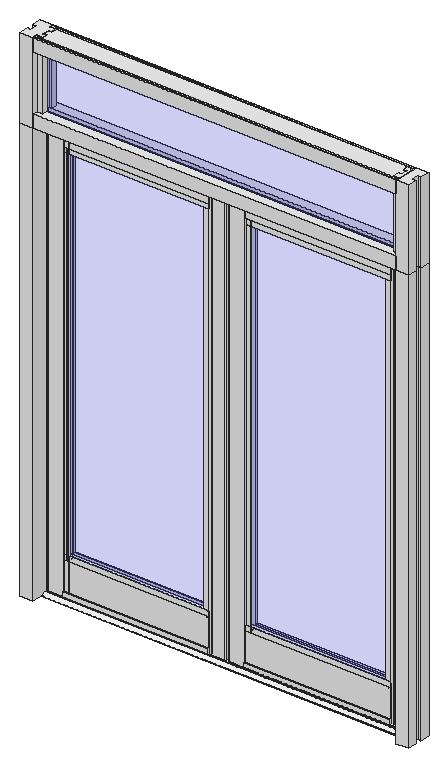
Revit family "kawneer-350ir_entrance 02_17196", category Doors, host Wall, Revit 2015
Parameters (values of type "(2)3'-0"W X 7'-0"H W 1'4 TRANS")
  Width = 3' - 0"
  Wall Closure = By host
  URL = "http://www.kawneer.com/kawneer/north_america/en/product.asp?cat_id=1339&prod_id=1823"
  Type Comments = "350 IR DOORS WITH IR 501 ENTRANCE FRAMING Hurricane Resistant (1-5/16\" INFILL)\r\n"
  Transom Height = 1' - 4"
  Rough Width = (Width * 2) + 0' 5"  # 6' - 5"
  Rough Height = Height + Transom Height  # 8' - 4"
  Product data url = "https://bimobject.com/kawneerna/product/17196"
  Model = "350 IR WITH IR 501 ENTRANCE FRAMING"
  Manufacturer = "Kawneer"
  Horizontal Frame Length = Rough Width - 0' 5"  # 6' - 0"
  Height = 7' - 0"
  Glazing Finish = Glass
  Function = Interior
  Frame Finish = Default
  Description = "Standard entrances that provide the extra strength for applications where more stringent code requirements include windborne debris protection.\r\n"
  INSET = 0' - 2"
  Assembly Code = "B2030210"
Reference planes (in)
  plane 1: y = 0
  plane 2 "Center": x = -1.5
  plane 3 "Left": x = -40
  plane 4 "Right": x = 37
  plane 5 "Top": z = 100
  plane 6: z = 84
  plane 7 "FACE OF FRAME": y = 3.5
  plane 8: y = -0.5
  plane 9: y = 48
  plane 10 "Center Line of Door": y = 1.75
  plane 11: x = -37.5
  plane 12: x = 34.5
Forms (in)
  Extrusion 1, solid
    sketch origin (0, 3.5, 0) x (1, 0, 0) y (0, 0, 1)
      loop
        line (36.37519, 98.27422) -> (-39.37519, 98.27422) -> (-39.37519, 85.87519) -> (36.37519, 85.87519) -> (36.37519, 98.27422)
    from 2.2695 to 2.8415
  Extrusion 2, solid, material "Default" <- "Frame Finish"
    sketch origin (-1.5, 0, 0) x (0, 1, 0) y (0, 0, 1)
      loop
        line (4.31775, 0.05047) -> (4.31775, 0) -> (4.50525, 0) -> (4.50525, 0.09375) -> (3.58338, 0.4375) -> (1.56775, 0.4375) -> (1.56775, 0.5) -> (1.38025, 0.5) -> (0.50525, 0.09375) -> (0.50525, 0) -> (0.69275, 0) -> (0.69275, 0.04299) -> (1.31581, 0.33226) -> (1.474, 0.33226) -> (1.474, 0) -> (1.56775, 0) -> (1.56775, 0.3125) -> (3.599, 0.3125) -> (3.599, 0) -> (3.69275, 0) -> (3.69275, 0.28352) -> (4.31775, 0.05047)
    from -36 to 36
Lines and regions (in)
  Opening 1
    outline origin (-90, -5.5, 0) x (1, 0, 0) y (0, 0, 1)
      loop
        line (50, 0) -> (127, 0) -> (127, 100) -> (50, 100) -> (50, 0)
  symbolic lines, style "DoorsFrameMullionProjection"
    curve 1: line (-40, 3.5, 0) -> (-37.5, 3.5, 0)
    curve 2: line (-40, -1.5, 0) -> (-40, 3.5, 0)
    curve 3: line (-37.5, -1.5, 0) -> (-40, -1.5, 0)
    curve 4: line (-37.5, 3.5, 0) -> (-37.5, -1.5, 0)
    curve 5: line (34.5, 3.5, 0) -> (37, 3.5, 0)
    curve 8: line (37, 3.5, 0) -> (37, -1.5, 0)
    curve 14: line (37, 3.5, 0) -> (34.5, 3.5, 0)
  symbolic lines, style "DoorsPanelProjection"
    curve 6: line (34.5, -1.5, 0) -> (34.5, 3.5, 0)
    curve 7: line (37, -1.5, 0) -> (34.5, -1.5, 0)
  symbolic lines, style "Doors"
    curve 9: line (-37.5, 3.5, 0) -> (-35.75, 3.5, 0)
    curve 10: line (-37.5, 48, 0) -> (-37.5, 3.5, 0)
    curve 11: line (-35.75, 48, 0) -> (-37.5, 48, 0)
    curve 12: line (-35.75, 3.5, 0) -> (-35.75, 48, 0)
    curve 15: line (34.5, 3.5, 0) -> (32.75, 3.5, 0)
    curve 16: line (34.5, 48, 0) -> (34.5, 3.5, 0)
    curve 17: line (32.75, 48, 0) -> (34.5, 48, 0)
    curve 18: line (32.75, 3.5, 0) -> (32.75, 48, 0)
    curve 31: line (-37.5, 3.5, 0) -> (-35.75, 3.5, 0)
  symbolic lines, style "Plan Swing"
    curve 13: arc (-1.49306, 11.99306, 0) -> (-12.03925, 37.45381, 0) -> (-37.5, 48, 0) r 36.00694
    curve 19: arc (-1.50694, 3.49653, 0) -> (5.8772, 34.34017, 0) -> (34.5, 48, 0) r 36.81802
  model lines, style "Elevation Swing"
    curve 20: line (-1.5, 3.5, 0) -> (34.5, 3.5, 42)
    curve 21: line (-1.5, 3.5, 84) -> (-37.5, 3.5, 42)
    curve 22: line (-1.5, 3.5, 0) -> (-37.5, 3.5, 42)
    curve 23: line (-1.5, 3.5, 84) -> (33.29287, 3.5, 43.50604)
  model lines, style "DoorsGlassProjection"
    curve 24: line (-33.65575, 2.07163, 0) -> (-5.34425, 2.07163, 0)
    curve 25: line (-5.34425, 2.64748, 0) -> (-33.65575, 2.64748, 0)
    curve 26: line (2.34425, 2.07163, 0) -> (30.65575, 2.07163, 0)
    curve 27: line (30.65575, 2.64748, 0) -> (2.34425, 2.64748, 0)
    curve 32: line (-5.34425, 2.07163, 0) -> (-33.65575, 2.07163, 0)
    curve 33: line (-33.65575, 2.64748, 0) -> (-5.34425, 2.64748, 0)
  symbolic lines
    curve 28: line (30.90625, 1.70625, 0) -> (30.90625, 1.65625, 0)
    curve 34: line (-5.09375, 1.65625, 0) -> (-5.09375, 1.71925, 0)
  model lines, style "DoorsPanelProjection"
    curve 29: line (2.34425, 2.07163, 0) -> (30.65575, 2.07163, 0)
    curve 30: line (30.65575, 2.64748, 0) -> (2.34425, 2.64748, 0)
    curve 35: line (-5.34425, 2.07163, 0) -> (-33.65575, 2.07163, 0)
    curve 36: line (-33.65575, 2.64748, 0) -> (-5.34425, 2.64748, 0)
Text (in)
  text "Exterior" at (-58.67754, 27.31104, 0), in view "Floor Line"
  text "Interior" at (-58.34764, -25.14366, 0), in view "Floor Line"
  text "Exterior" at (0, 40.15149, 123.01588), in view "Right"
  text "Interior" at (0, -64.39139, 123.01588), in view "Right"
  text "Interior" at (0, -31.01599, 123.00693), in view "Left"
  text "Exterior" at (0, 54.57065, 123.00693), in view "Left"
Dimensions and locks (in)
  "Rough Width": plane 3 "Left" to plane 4 "Right"
  host wall to plane 5 "Top" = 8' - 4"
  "Height": level to plane 6
  "INSET": host wall to plane 7 "FACE OF FRAME"
  locked: plane 8 to plane 7 "FACE OF FRAME" at 4
  locked: plane 7 "FACE OF FRAME" to plane 9 at 44.5
  locked: curve 10 to curve 12 at 1.75
  locked: plane 10 "Center Line of Door" to plane 7 "FACE OF FRAME" at 1.75
  equal spacing: level, curve 20, plane 6
  equal spacing: level, curve 22, plane 6
  locked: plane 12 to plane 4 "Right" at 2.5
  locked: plane 3 "Left" to plane 11 at 2.5
  locked: plane 7 "FACE OF FRAME" to nested 6 at 0.09375
  locked: nested 5 to plane 7 "FACE OF FRAME" at 0.09375
  equal spacing: plane 3 "Left", plane 2 "Center", plane 4 "Right"
  "Transom Height": plane 6 to plane 5 "Top"
  plane 11 to plane 2 "Center" to plane 12 = 3' - 0", 3' - 0"
  aligned and locked: plane 3 "Left" to Opening 1 sketch curve
  aligned and locked: plane 5 "Top" to Opening 1 sketch curve  (x2)
  aligned and locked: Opening 1 sketch curve to plane 4 "Right"
  aligned and locked: Opening 1 sketch curve to level
  aligned and locked: nested 2 to plane 7 "FACE OF FRAME"
  aligned and locked: nested 1 to plane 7 "FACE OF FRAME"
  aligned and locked: nested 3 to plane 7 "FACE OF FRAME"
  aligned and locked: nested 4 to plane 7 "FACE OF FRAME"
  aligned and locked: nested 2 to Extrusion 1 sketch curve
  aligned and locked: Extrusion 1 sketch curve to nested 4
  aligned and locked: Extrusion 1 sketch curve to nested 1
  aligned and locked: plane 11 to nested 4
  aligned and locked: plane 4 "Right" to nested 2
  aligned and locked: plane 11 to curve 4
  aligned and locked: nested 5 to curve 24
  aligned and locked: curve 24 to nested 5
  aligned and locked: curve 26 to nested 6  (x2)
  aligned and locked: plane 3 "Left" to nested 1
  aligned and locked: plane 11 to nested 3
  aligned and locked: nested 3 to plane 12
  aligned and locked: nested 3 to plane 5 "Top"
  aligned and locked: nested 5 to plane 11
  aligned and locked: nested 6 to plane 12
  aligned and locked: Extrusion 2 to plane 12
  aligned and locked: plane 11 to Extrusion 2
  aligned and locked: nested 1 to plane 5 "Top"
  aligned and locked: plane 6 to nested 4
  aligned and locked: nested 7 to level
  aligned and locked: nested 2 to level
  aligned and locked: nested 8 to plane 6
Automatic sketch dimensions
  plane 5 "Top" to Extrusion 1 sketch curve = 0' - 1.72578"
  curve 3 to plane 3 "Left" = 0' - 0"
  curve 15 to plane 7 "FACE OF FRAME" = 0' - 0"
  curve 18 to plane 9 = 0' - 0"
  curve 16 to plane 12 = 0' - 0"
  curve 8 to plane 4 "Right" = 0' - 0"
  curve 1 to plane 7 "FACE OF FRAME" = 0' - 0"
  curve 10 to plane 9 = 0' - 0"
  plane 10 "Center Line of Door" to curve 34 = 0' - 0.03075"
  curve 24 to curve 34 = 0' - 0.2505"
  plane 7 "FACE OF FRAME" to curve 19 = 0' - 0.00347"
  curve 19 to plane 2 "Center" = 0' - 0.00694"
  plane 2 "Center" to curve 13 = 0' - 0.00694"
  curve 26 to curve 28 = 0' - 0.2505"
  plane 12 to curve 15 = 0' - 1 3/4"
  plane 8 to curve 2 = 0' - 1"
  plane 10 "Center Line of Door" to curve 28 = 0' - 0.04375"
  curve 23 to plane 2 "Center" = 0' - 0"
  curve 23 to plane 6 = 0' - 0"
  curve 22 to level = 0' - 0"
  curve 21 to plane 11 = 0' - 0"
  curve 22 to plane 2 "Center" = 0' - 0"
  curve 20 to plane 12 = 0' - 0"
  plane 12 to curve 23 = 0' - 1.20713"
  curve 23 to curve 20 = 0' - 1.50604"
  plane 8 to curve 7 = 0' - 1"
  level to Extrusion 2 sketch curve = 0' - 0 3/32"  (x2)
  Extrusion 2 sketch curve to host wall = 0' - 0.50525"
  Extrusion 2 sketch curve to level = 0' - 0"  (x4)
  Extrusion 2 sketch curve to Extrusion 2 sketch curve = 0' - 0 3/16"  (x2)
  plane 10 "Center Line of Door" to Extrusion 2 sketch curve = 0' - 0.43419"
  Extrusion 2 sketch curve to Extrusion 2 sketch curve = 0' - 0.06444"
  plane 10 "Center Line of Door" to Extrusion 2 sketch curve = 0' - 0.276"
  Extrusion 2 sketch curve to Extrusion 2 sketch curve = 0' - 0 3/32"  (x2)
  Extrusion 2 sketch curve to Extrusion 2 sketch curve = 0' - 0"
  Extrusion 2 sketch curve to plane 7 "FACE OF FRAME" = 0' - 0.08338"
  Extrusion 2 sketch curve to plane 7 "FACE OF FRAME" = 0' - 0.099"
  level to Extrusion 2 sketch curve = 0' - 0.05047"
  Extrusion 2 sketch curve to Extrusion 2 sketch curve = 0' - 0 5/8"
  level to Extrusion 2 sketch curve = 0' - 0 11/256"
  level to Extrusion 2 sketch curve = 0' - 0.28352"
  Extrusion 2 sketch curve to Extrusion 2 sketch curve = 0' - 0.02898"
  Extrusion 2 sketch curve to Extrusion 2 sketch curve = 0' - 0.01977"
  Extrusion 2 sketch curve to Extrusion 2 sketch curve = 0' - 0 1/8"
  Extrusion 2 sketch curve to Extrusion 2 sketch curve = 0' - 0.16773"
  curve 34 to curve 34 = 0' - 0.063"
  curve 28 to curve 28 = 0' - 0.05"
  curve 32 to plane 2 "Center" = 0' - 3.84425"
  curve 36 to curve 24 = 0' - 0"
  curve 27 to curve 26 = 0' - 0"
  curve 33 to curve 24 = 0' - 0"
  curve 24 to curve 36 = 0' - 0.57585"
  plane 7 "FACE OF FRAME" to curve 30 = 0' - 0.85252"
  curve 30 to curve 15 = 0' - 2.09425"
  curve 29 to curve 27 = 0' - 0"
Nested families (in)
  nested 1: "Kawneer-350IR_Entrance_pg02 - Detail 8" at (-40, 1, 84) x (-1, 0, 0) z (0, 0, 1), type "Detail 8"
    with Frame Height 1' - 4"
  nested 2: "Kawneer-350IR_Entrance_pg02 - Detail 4" at (37, 1, 0) x (-1, 0, 0) z (0, 0, 1), type "Detail 4"
    with Frame Height 7' - 0"
  nested 3: "Kawneer-350IR_Entrance_pg02 - Detail 1" at (-1.5, 0.9445, 97.5), type "Detail 1"
  nested 4: "Kawneer-350IR_Entrance_pg02 - Detail 2" at (-1.5, 0.9445, 84), type "Detail 2"
  nested 5: "Kawneer-350IR_Panel" at (-19.5, 2.35956, 0) x (-1, 0, 0) z (0, 0, 1), type "Kawneer-350IR_Panel"
  nested 6: "Kawneer-350IR_Panel" at (16.5, 2.35956, 0), type "Kawneer-350IR_Panel"
  nested 7: "Kawneer-350IR_Entrance_pg02 - Detail 6" at (-40, 1, 0) x (-1, 0, 0) z (0, 0, 1), type "Detail 6"
    with Frame Height 7' - 0"
  nested 8: "Kawneer-350IR_Entrance_pg02 - Detail 7" at (37, 1, 84), type "Detail 7"
    with Frame Height 1' - 4"
Definition of nested family "Kawneer-350IR_Entrance_pg02 - Detail 8"
  Parameters
    Frame Height = 9' - 0"
    Frame Finish = none
    Assembly Code = ""
  Reference planes (in)
    plane 1 "Center (Front/Back)": y = 0
    plane 2: z = 0
    plane 3 "Center (Left/Right)": x = 0
  Forms (in)
    Extrusion 1, solid, material <- "Frame Finish"
      sketch origin (0, 0, 0) x (1, 0, 0) y (0, 1, 0)
        loop
          line (0, -2.5) -> (0, -0.65625) -> (-0.62481, -0.65625) -> (-0.62481, 0.65625) -> (0, 0.65625) -> (0, 2.5) -> (-2.5, 2.5) -> (-2.5, 1.48646) -> (-3.625, 1.48646) -> (-3.625, 0.47546) -> (-3, 0.47546) -> (-3, -0.82354) -> (-3.625, -0.82354) -> (-3.625, -1.83354) -> (-2.5, -1.83354) -> (-2.5, -2.5) -> (0, -2.5)
      from 0 to 108
  Dimensions and locks (in)
    "Frame Height": Extrusion 1 to level
    locked: Extrusion 1 sketch curve to Extrusion 1 sketch curve at 1.3125
    equal spacing: Extrusion 1 sketch curve, plane 1 "Center (Front/Back)", Extrusion 1 sketch curve
  Automatic sketch dimensions
    Extrusion 1 sketch curve to plane 3 "Center (Left/Right)" = 0' - 0"  (x2)
    Extrusion 1 sketch curve to Extrusion 1 sketch curve = 0' - 2 1/2"
    plane 1 "Center (Front/Back)" to Extrusion 1 sketch curve = 0' - 2 1/2"
    Extrusion 1 sketch curve to plane 1 "Center (Front/Back)" = 0' - 2 1/2"
    Extrusion 1 sketch curve to plane 3 "Center (Left/Right)" = 0' - 0.62481"
    Extrusion 1 sketch curve to Extrusion 1 sketch curve = 0' - 1 1/8"  (x2)
    Extrusion 1 sketch curve to plane 1 "Center (Front/Back)" = 0' - 0.47546"
    plane 1 "Center (Front/Back)" to Extrusion 1 sketch curve = 0' - 0.82354"
    Extrusion 1 sketch curve to Extrusion 1 sketch curve = 0' - 0"
    Extrusion 1 sketch curve to Extrusion 1 sketch curve = 0' - 0 5/8"
    Extrusion 1 sketch curve to Extrusion 1 sketch curve = 0' - 1.01"
    Extrusion 1 sketch curve to plane 1 "Center (Front/Back)" = 0' - 1.48646"
Definition of nested family "Kawneer-350IR_Entrance_pg02 - Detail 4"
  Parameters
    Frame Height = 9' - 0"
    Frame Finish = none
    Assembly Code = ""
  Reference planes (in)
    plane 1 "Center (Front/Back)": y = 0
    plane 2: z = 0
    plane 3 "Center (Left/Right)": x = 0
  Forms (in)
    Extrusion 1, solid, material <- "Frame Finish"
      sketch origin (0, 0, 0) x (-1, 0, 0) y (0, -1, 0)
        loop
          line (0, 2.5) -> (-2.5, 2.5) -> (-2.5, -2.5) -> (0, -2.5) -> (0, -0.65625) -> (-0.62481, -0.65625) -> (-0.62481, 0.65625) -> (0, 0.65625) -> (0, 2.5)
      from 0 to 108
  Dimensions and locks (in)
    "Frame Height": Extrusion 1 to level
    Extrusion 1 to Extrusion 1 = 0' - 1 5/16"
    locked: Extrusion 1 sketch curve to Extrusion 1 sketch curve at 1.3125
    equal spacing: Extrusion 1 sketch curve, plane 1 "Center (Front/Back)", Extrusion 1 sketch curve
  Automatic sketch dimensions
    Extrusion 1 sketch curve to plane 3 "Center (Left/Right)" = 0' - 0"  (x2)
    Extrusion 1 sketch curve to Extrusion 1 sketch curve = 0' - 0.62481"
    Extrusion 1 sketch curve to Extrusion 1 sketch curve = 0' - 2 1/2"
    Extrusion 1 sketch curve to plane 1 "Center (Front/Back)" = 0' - 2 1/2"
    plane 1 "Center (Front/Back)" to Extrusion 1 sketch curve = 0' - 2 1/2"
Definition of nested family "Kawneer-350IR_Entrance_pg02 - Detail 1"
  Parameters
    Frame Length = 6' - 0"
    Frame Finish = none
    Assembly Code = ""
  Reference planes (in)
    plane 1 "Center (Front/Back)": y = 0
    plane 2: z = 0
    plane 3 "Center (Left/Right)": x = 0
  Forms (in)
    Extrusion 1, solid, material <- "Frame Finish"
      sketch origin (0, 0, 0) x (0, 1, 0) y (0, 0, 1)
        loop
          line (-2.3965, 0) -> (-0.5775, 0) -> (-0.5775, 0.625) -> (0.7215, 0.625) -> (0.7215, 0) -> (2.5555, 0) -> (2.5555, 2.5) -> (2.3055, 2.5)
          arc (2.3055, 2.5) -> (2.12872, 2.375) -> (1.95195, 2.5) r 0.1875
          line (1.95195, 2.5) -> (-1.79295, 2.5)
          arc (-1.79295, 2.5) -> (-1.96972, 2.375) -> (-2.1465, 2.5) r 0.1875
          line (-2.1465, 2.5) -> (-2.3965, 2.5) -> (-2.3965, 0)
      from -36 to 36
  Dimensions and locks (in)
    "Frame Length": Extrusion 1 to Extrusion 1
    equal spacing: Extrusion 1, plane 3 "Center (Left/Right)", Extrusion 1
  Automatic sketch dimensions
    Extrusion 1 sketch curve to level = 0' - 0"  (x2)
    plane 1 "Center (Front/Back)" to Extrusion 1 sketch curve = 0' - 2.3965"
    Extrusion 1 sketch curve to Extrusion 1 sketch curve = 0' - 0 1/4"  (x2)
    Extrusion 1 sketch curve to Extrusion 1 sketch curve = 0' - 0.17678"  (x4)
    plane 1 "Center (Front/Back)" to Extrusion 1 sketch curve = 0' - 0.5775"
    Extrusion 1 sketch curve to plane 1 "Center (Front/Back)" = 0' - 0.7215"
    Extrusion 1 sketch curve to plane 1 "Center (Front/Back)" = 0' - 1.95195"
    Extrusion 1 sketch curve to Extrusion 1 sketch curve = 0' - 0 5/8"
    level to Extrusion 1 sketch curve = 0' - 2 1/2"
    Extrusion 1 sketch curve to Extrusion 1 sketch curve = 0' - 0 1/16"  (x2)
Definition of nested family "Kawneer-350IR_Entrance_pg02 - Detail 2"
  Parameters
    Frame Length = 6' - 0"
    Frame Finish = none
    Assembly Code = ""
  Reference planes (in)
    plane 1 "Center (Front/Back)": y = 0
    plane 2: z = 0
    plane 3 "Center (Left/Right)": x = 0
  Forms (in)
    Extrusion 1, solid, material <- "Frame Finish"
      sketch origin (0, 0, 2.5) x (0, 1, 0) y (0, 0, 1)
        loop
          line (-2.3965, 0) -> (-2.3965, -2.5) -> (-0.47775, -2.5) -> (-0.47775, -2.875) -> (0.52225, -2.875) -> (0.52225, -2.5) -> (2.5555, -2.5) -> (2.5555, 0) -> (0.69789, 0) -> (0.69789, -0.62481) -> (-0.60111, -0.62481) -> (-0.60111, 0) -> (-2.3965, 0)
      from -36 to 36
  Dimensions and locks (in)
    "Frame Length": Extrusion 1 to Extrusion 1
    Extrusion 1 to Extrusion 1 = 6' - 0"
  Automatic sketch dimensions
    Extrusion 1 sketch curve to plane 1 "Center (Front/Back)" = 0' - 2.3965"
    Extrusion 1 sketch curve to plane 1 "Center (Front/Back)" = 0' - 0.60111"
    plane 1 "Center (Front/Back)" to Extrusion 1 sketch curve = 0' - 0.69789"
    Extrusion 1 sketch curve to Extrusion 1 sketch curve = 0' - 4.952"
    Extrusion 1 sketch curve to level = 0' - 1.87519"
    Extrusion 1 sketch curve to Extrusion 1 sketch curve = 0' - 0.62481"
    Extrusion 1 sketch curve to Extrusion 1 sketch curve = 0' - 0"
    Extrusion 1 sketch curve to plane 1 "Center (Front/Back)" = 0' - 0.47775"
    level to Extrusion 1 sketch curve = 0' - 0 3/8"
    plane 1 "Center (Front/Back)" to Extrusion 1 sketch curve = 0' - 0.52225"
    Extrusion 1 sketch curve to level = 0' - 0"  (x2)
Definition of nested family "Kawneer-350IR_Panel"
  Parameters
    Stile Width = 0' - 3 149/256"
    Sill Width = Door Panel Width - (Stile Width * 2)  # 2' - 4 107/128"
    Sill Plate = none
    Glazing = none
    Door Panel Width = 3' - 0"
    Door Panel Height = 7' - 0"
    Door Panel Finish = none
    Door Jamb Height = Door Panel Height - 0' 0 11/16"  # 6' - 11 5/16"
    Assembly Code = ""
  Reference planes (in)
    plane 1 "Center (Front/Back)": y = 0
    plane 2: z = 0
    plane 3 "Center (Left/Right)": x = 0
    plane 4: x = -18
    plane 5: x = 18
    plane 6: z = 84
    plane 7: z = 0.6875
    plane 8: z = 7.1875
    plane 9: x = 14.40625
    plane 10: x = -14.40625
    plane 11: z = 80.24534
  Forms (in)
    Extrusion 1, solid, material <- "Glazing"
      sketch origin (0, 0, 0) x (1, 0, 0) y (0, 1, 0)
        loop
          line (-14.15575, -0.28793) -> (14.15575, -0.28793) -> (14.15575, 0.28793) -> (-14.15575, 0.28793) -> (-14.15575, -0.28793)
      from 7.43362 to 80.24534
    Extrusion 2, solid, material <- "Door Panel Finish"
      sketch origin (0, 0, 0) x (0, 1, 0) y (0, 0, 1)
        loop
          line (-0.47493, 7.43362) -> (-0.47493, 8.36079)
          arc (-0.47493, 8.36079) -> (-0.52568, 8.23826) -> (-0.64821, 8.1875) r 0.17329
          line (-0.64821, 8.1875) -> (-0.9995, 8.1875) -> (-0.9995, 7.1875) -> (-1.049, 7.1875) -> (-1.049, 0.6875) -> (-0.937, 0.6875) -> (-0.937, 1.40625) -> (0.59131, 1.40625) -> (0.59131, 0.6875) -> (0.78331, 0.6875) -> (0.70313, 0.48064)
          arc (0.70313, 0.48064) -> (0.71693, 0.44448) -> (0.75431, 0.4545) r 0.02888
          line (0.75431, 0.4545) -> (0.87331, 0.6875) -> (0.95331, 0.6875) -> (0.95331, 1.5721) -> (0.70331, 1.6395) -> (0.70331, 7.1875) -> (0.65331, 7.1875) -> (0.65331, 8.188) -> (0.4648, 8.188)
          arc (0.4648, 8.188) -> (0.26778, 8.19864) -> (0.12923, 8.33912) r 0.27338
          line (0.12923, 8.33912) -> (0.12923, 7.43362) -> (-0.47493, 7.43362)
        loop
          line (0.57831, 6.6885) -> (0.52931, 6.6885)
          arc (0.52931, 6.6885) -> (0.44092, 6.72511) -> (0.40431, 6.8135) r 0.125
          line (0.40431, 6.8135) -> (0.40431, 7) -> (0.16931, 7) -> (0.09131, 6.922) -> (-0.437, 6.922) -> (-0.515, 7) -> (-0.75, 7) -> (-0.75, 6.8135)
          arc (-0.75, 6.8135) -> (-0.78661, 6.72511) -> (-0.875, 6.6885) r 0.125
          line (-0.875, 6.6885) -> (-0.92169, 6.6885) -> (-0.92169, 1.53125) -> (0.57831, 1.53125) -> (0.57831, 6.6885)
      from -14.40625 to 14.40625
  Dimensions and locks (in)
    "Door Panel Width": plane 4 to plane 5
    "Door Panel Height": plane 6 to level
    locked: plane 8 to level at 7.1875
    locked: plane 8 to plane 7 at 6.5
    locked: nested 3 to plane 5 at 0.09375
    locked: plane 9 to plane 5 at 3.59375
    equal spacing: plane 4, plane 3 "Center (Left/Right)", plane 5
    locked: plane 10 to plane 4 at 3.59375
    locked: plane 6 to plane 11 at 3.75466
    aligned and locked: nested 2 to Extrusion 1 sketch curve
    aligned and locked: Extrusion 1 sketch curve to nested 2
    aligned and locked: Extrusion 1 sketch curve to nested 3  (x2)
    aligned and locked: Extrusion 2 to plane 10
    aligned and locked: Extrusion 2 to plane 9
    aligned and locked: nested 2 to plane 10
    aligned and locked: plane 11 to Extrusion 1
    aligned and locked: plane 6 to nested 1
  Automatic sketch dimensions
    Extrusion 2 sketch curve to plane 7 = 0' - 0"  (x3)
    Extrusion 2 sketch curve to plane 8 = 0' - 0"  (x2)
    plane 1 "Center (Front/Back)" to Extrusion 2 sketch curve = 0' - 1.049"
    Extrusion 2 sketch curve to Extrusion 2 sketch curve = 0' - 0.0495"
    Extrusion 2 sketch curve to Extrusion 2 sketch curve = 0' - 0.112"
    Extrusion 2 sketch curve to Extrusion 2 sketch curve = 0' - 0.0778"
    Extrusion 2 sketch curve to Extrusion 2 sketch curve = 0' - 0.04669"
    Extrusion 2 sketch curve to Extrusion 2 sketch curve = 0' - 0 1/8"  (x4)
    Extrusion 2 sketch curve to Extrusion 2 sketch curve = 0' - 0.35128"
    Extrusion 2 sketch curve to Extrusion 2 sketch curve = 0' - 0.235"  (x2)
    plane 1 "Center (Front/Back)" to Extrusion 2 sketch curve = 0' - 0.47493"
    Extrusion 2 sketch curve to Extrusion 2 sketch curve = 0' - 0"  (x2)
    Extrusion 2 sketch curve to Extrusion 2 sketch curve = 0' - 0.078"  (x3)
    Extrusion 2 sketch curve to plane 1 "Center (Front/Back)" = 0' - 0.09131"
    Extrusion 2 sketch curve to plane 1 "Center (Front/Back)" = 0' - 0.12923"
    Extrusion 2 sketch curve to Extrusion 2 sketch curve = 0' - 0.2508"
    Extrusion 2 sketch curve to Extrusion 2 sketch curve = 0' - 0.08477"
    Extrusion 2 sketch curve to Extrusion 2 sketch curve = 0' - 0.049"
    Extrusion 2 sketch curve to plane 1 "Center (Front/Back)" = 0' - 0.59131"
    Extrusion 2 sketch curve to Extrusion 2 sketch curve = 0' - 0.1885"
    Extrusion 2 sketch curve to plane 7 = 0' - 0.20686"
    Extrusion 2 sketch curve to Extrusion 2 sketch curve = 0' - 0.11183"
    Extrusion 2 sketch curve to Extrusion 2 sketch curve = 0' - 0.02693"
    Extrusion 2 sketch curve to Extrusion 2 sketch curve = 0' - 0.02424"
    Extrusion 2 sketch curve to Extrusion 2 sketch curve = 0' - 0.192"
    Extrusion 2 sketch curve to Extrusion 2 sketch curve = 0' - 0.09"
    Extrusion 2 sketch curve to Extrusion 2 sketch curve = 0' - 0.08"
    Extrusion 2 sketch curve to Extrusion 2 sketch curve = 0' - 0.0157"
    plane 7 to Extrusion 2 sketch curve = 0' - 0 23/32"
    Extrusion 2 sketch curve to Extrusion 2 sketch curve = 0' - 0.04085"
    Extrusion 2 sketch curve to Extrusion 2 sketch curve = 0' - 0.10825"
    Extrusion 2 sketch curve to plane 8 = 0' - 0.499"  (x2)
    Extrusion 2 sketch curve to plane 8 = 0' - 0.2655"
    Extrusion 2 sketch curve to Extrusion 2 sketch curve = 0' - 0.1865"
    plane 8 to Extrusion 2 sketch curve = 0' - 0.24612"
    Extrusion 2 sketch curve to Extrusion 2 sketch curve = 0' - 0.75388"
    Extrusion 2 sketch curve to Extrusion 2 sketch curve = 0' - 0.75438"
    Extrusion 2 sketch curve to Extrusion 2 sketch curve = 0' - 0.15112"
  Nested families (in)
    nested 1: "Kawneer-350IR_Entrance_pg01-Door Head" at (0, -0.00193, 80.24534), type "Head"
      with Head Width 2' - 4 107/128"
    nested 2: "Kawneer-350IR_Entrance_pg01-Door Jamb R" at (-14.15575, 0, 0.6875) x (-1, 0, 0) z (0, 0, 1), type "Door Jamb R"
      with Door Frame Height 6' - 11 5/16"
    nested 3: "Kawneer-350IR_Entrance_pg01-Door Jamb L" at (14.15575, 0, 0.6875) x (-1, 0, 0) z (0, 0, 1), type "Door Jamb L"
      with Door Frame Height 6' - 11 5/16"
  Definition of nested family "Kawneer-350IR_Entrance_pg01-Door Head"
    Parameters
      Head Width = 1' - 11.12336"
      Door Panel Finish = none
    Reference planes (in)
      plane 1 "Center (Front/Back)": y = 0
      plane 2: z = 0
      plane 3 "Center (Left/Right)": x = 0
    Forms (in)
      Extrusion 1, solid, material <- "Door Panel Finish"
        sketch origin (0, 0, 0) x (0, 1, 0) y (0, 0, 1)
          loop
            line (-1.02783, 3.75466) -> (-1.02783, 0.25466) -> (-0.97783, 0.25466) -> (-0.97783, -0.66234) -> (-0.47027, -0.66234)
            arc (-0.47027, -0.66234) -> (-0.35924, -0.72927) -> (-0.286, -0.83625) r 0.30526
            line (-0.286, -0.83625) -> (-0.286, 0) -> (0.286, 0) -> (0.286, -0.74163)
            arc (0.286, -0.74163) -> (0.37291, -0.74071) -> (0.45967, -0.74584) r 1.25
            line (0.45967, -0.74584) -> (0.64617, -0.74584) -> (0.64617, 0.25466) -> (0.69617, 0.25466) -> (0.69617, 3.75466) -> (0.58417, 3.75466) -> (0.58417, 3.12966) -> (-0.91583, 3.12966) -> (-0.91583, 3.75466) -> (-1.02783, 3.75466)
        from -11.56168 to 11.56168
    Dimensions and locks (in)
      "Head Width": Extrusion 1 to Extrusion 1
      equal spacing: Extrusion 1, plane 3 "Center (Left/Right)", Extrusion 1
    Automatic sketch dimensions
      Extrusion 1 sketch curve to level = 0' - 0"
      level to Extrusion 1 sketch curve = 0' - 0.25466"  (x2)
      plane 1 "Center (Front/Back)" to Extrusion 1 sketch curve = 0' - 1.02783"
      Extrusion 1 sketch curve to Extrusion 1 sketch curve = 0' - 0.05"
      Extrusion 1 sketch curve to Extrusion 1 sketch curve = 0' - 0.112"  (x2)
      Extrusion 1 sketch curve to Extrusion 1 sketch curve = 0' - 0.40907"
      Extrusion 1 sketch curve to Extrusion 1 sketch curve = 0' - 0.09849"
      Extrusion 1 sketch curve to Extrusion 1 sketch curve = 0' - 0.18427"
      Extrusion 1 sketch curve to plane 1 "Center (Front/Back)" = 0' - 0.286"
      Extrusion 1 sketch curve to plane 1 "Center (Front/Back)" = 0' - 0.34265"
      Extrusion 1 sketch curve to Extrusion 1 sketch curve = 0' - 0.17367"
      Extrusion 1 sketch curve to plane 1 "Center (Front/Back)" = 0' - 0.58417"
      Extrusion 1 sketch curve to Extrusion 1 sketch curve = 0' - 0.1865"
      Extrusion 1 sketch curve to level = 0' - 0.66234"
      Extrusion 1 sketch curve to level = 0' - 0.74163"
      Extrusion 1 sketch curve to Extrusion 1 sketch curve = 0' - 0.0042"
      Extrusion 1 sketch curve to Extrusion 1 sketch curve = 0' - 0.17391"
      Extrusion 1 sketch curve to Extrusion 1 sketch curve = 0' - 2 7/8"
      Extrusion 1 sketch curve to Extrusion 1 sketch curve = 0' - 0 5/8"  (x2)
  Definition of nested family "Kawneer-350IR_Entrance_pg01-Door Jamb R"
    Parameters
      Door Panel Finish = none
      Door Frame Height = 6' - 8"
    Reference planes (in)
      plane 1 "Center (Front/Back)": y = 0
      plane 2: z = 0
      plane 3 "Center (Left/Right)": x = 0
    Forms (in)
      Extrusion 1, solid, material <- "Door Panel Finish"
        sketch origin (0, 0, 0) x (1, 0, 0) y (0, 1, 0)
          loop
            line (3.7505, -1.04669) -> (3.65895, 0.5267)
            arc (3.65895, 0.5267) -> (3.60044, 0.65218) -> (3.47177, 0.70331) r 0.1875
            line (3.47177, 0.70331) -> (0.2505, 0.70331) -> (0.2505, 0.64031) -> (-0.75, 0.64031) -> (-0.75, 0.45231) -> (-0.31098, 0.45231) -> (-0.31098, 0.28793) -> (0, 0.28793) -> (0, -0.28793) -> (-0.84091, -0.28793)
            arc (-0.84091, -0.28793) -> (-0.7334, -0.36173) -> (-0.6665, -0.47368) r 0.30526
            line (-0.6665, -0.47368) -> (-0.6665, -0.98369) -> (0.2505, -0.97869) -> (0.2505, -1.04669) -> (3.7505, -1.04669)
          loop
            line (0.7495, 0.57831) -> (0.7495, 0.51631)
            arc (0.7495, 0.51631) -> (0.71289, 0.42792) -> (0.6245, 0.39131) r 0.125
            line (0.6245, 0.39131) -> (0.438, 0.39131) -> (0.438, -0.73469) -> (0.6245, -0.73469)
            arc (0.6245, -0.73469) -> (0.71289, -0.77131) -> (0.7495, -0.85969) r 0.125
            line (0.7495, -0.85969) -> (0.7495, -0.92169) -> (3.61801, -0.92169) -> (3.53416, 0.51944)
            arc (3.53416, 0.51944) -> (3.51466, 0.56126) -> (3.47177, 0.57831) r 0.0625
            line (3.47177, 0.57831) -> (0.7495, 0.57831)
        from 0 to 80
    Dimensions and locks (in)
      "Door Frame Height": Extrusion 1 to level
    Automatic sketch dimensions
      Extrusion 1 sketch curve to plane 3 "Center (Left/Right)" = 0' - 0"
      Extrusion 1 sketch curve to plane 3 "Center (Left/Right)" = 0' - 0.31098"
      Extrusion 1 sketch curve to plane 3 "Center (Left/Right)" = 0' - 0.6665"
      Extrusion 1 sketch curve to Extrusion 1 sketch curve = 0' - 0.43902"
      Extrusion 1 sketch curve to Extrusion 1 sketch curve = 0' - 0.17441"
      Extrusion 1 sketch curve to Extrusion 1 sketch curve = 0' - 0.28944"
      plane 3 "Center (Left/Right)" to Extrusion 1 sketch curve = 0' - 0.2505"  (x2)
      Extrusion 1 sketch curve to Extrusion 1 sketch curve = 0' - 0 3/16"
      Extrusion 1 sketch curve to Extrusion 1 sketch curve = 0' - 0.1865"  (x2)
      Extrusion 1 sketch curve to Extrusion 1 sketch curve = 0' - 0 1/8"  (x3)
      Extrusion 1 sketch curve to plane 1 "Center (Front/Back)" = 0' - 0.57831"
      Extrusion 1 sketch curve to Extrusion 1 sketch curve = 0' - 2.72227"
      Extrusion 1 sketch curve to Extrusion 1 sketch curve = 0' - 0"  (x2)
      Extrusion 1 sketch curve to plane 1 "Center (Front/Back)" = 0' - 0.51944"
      Extrusion 1 sketch curve to Extrusion 1 sketch curve = 0' - 0.06239"
      plane 1 "Center (Front/Back)" to Extrusion 1 sketch curve = 0' - 0.92169"
      Extrusion 1 sketch curve to Extrusion 1 sketch curve = 0' - 0.08385"
      Extrusion 1 sketch curve to plane 1 "Center (Front/Back)" = 0' - 0.5267"
      Extrusion 1 sketch curve to Extrusion 1 sketch curve = 0' - 0.12479"
      Extrusion 1 sketch curve to Extrusion 1 sketch curve = 0' - 0.13249"
      Extrusion 1 sketch curve to Extrusion 1 sketch curve = 0' - 0.057"
      Extrusion 1 sketch curve to Extrusion 1 sketch curve = 0' - 0.005"
      Extrusion 1 sketch curve to Extrusion 1 sketch curve = 0' - 0.062"
      Extrusion 1 sketch curve to Extrusion 1 sketch curve = 0' - 0.41301"
      Extrusion 1 sketch curve to Extrusion 1 sketch curve = 0' - 0.09701"
      Extrusion 1 sketch curve to plane 1 "Center (Front/Back)" = 0' - 0.28793"
      Extrusion 1 sketch curve to Extrusion 1 sketch curve = 0' - 0.187"
      Extrusion 1 sketch curve to plane 1 "Center (Front/Back)" = 0' - 0.45231"
      Extrusion 1 sketch curve to Extrusion 1 sketch curve = 0' - 0.188"
  Definition of nested family "Kawneer-350IR_Entrance_pg01-Door Jamb L"
    Parameters
      Door Panel Finish = none
      Door Frame Height = 6' - 4 1/2"
      Assembly Code = ""
    Reference planes (in)
      plane 1 "Center (Front/Back)": y = 0
      plane 2: z = 0
      plane 3 "Center (Left/Right)": x = 0
    Forms (in)
      Extrusion 1, solid, material <- "Door Panel Finish"
        sketch origin (0, 0, 0) x (-1, 0, 0) y (0, -1, 0)
          loop
            line (3.7505, 1.04669) -> (0.2505, 1.04669) -> (0.2505, 0.97869) -> (-0.6665, 0.98369) -> (-0.6665, 0.47368)
            arc (-0.6665, 0.47368) -> (-0.7334, 0.36173) -> (-0.84091, 0.28793) r 0.30526
            line (-0.84091, 0.28793) -> (0, 0.28793) -> (0, -0.28793) -> (-0.31098, -0.28793) -> (-0.31098, -0.45231) -> (-0.75, -0.45231) -> (-0.75, -0.64031) -> (0.2505, -0.64031) -> (0.2505, -0.70331) -> (3.47177, -0.70331)
            arc (3.47177, -0.70331) -> (3.60044, -0.65218) -> (3.65895, -0.5267) r 0.1875
            line (3.65895, -0.5267) -> (3.7505, 1.04669)
          loop
            line (0.7495, -0.57831) -> (3.47177, -0.57831)
            arc (3.47177, -0.57831) -> (3.51466, -0.56126) -> (3.53416, -0.51944) r 0.0625
            line (3.53416, -0.51944) -> (3.61801, 0.92169) -> (0.7495, 0.92169) -> (0.7495, 0.85969)
            arc (0.7495, 0.85969) -> (0.71289, 0.77131) -> (0.6245, 0.73469) r 0.125
            line (0.6245, 0.73469) -> (0.438, 0.73469) -> (0.438, -0.39131) -> (0.6245, -0.39131)
            arc (0.6245, -0.39131) -> (0.71289, -0.42792) -> (0.7495, -0.51631) r 0.125
            line (0.7495, -0.51631) -> (0.7495, -0.57831)
        from 0 to 76.5
    Dimensions and locks (in)
      "Door Frame Height": Extrusion 1 to level
    Automatic sketch dimensions
      Extrusion 1 sketch curve to plane 3 "Center (Left/Right)" = 0' - 0"
      plane 3 "Center (Left/Right)" to Extrusion 1 sketch curve = 0' - 0.31098"
      plane 3 "Center (Left/Right)" to Extrusion 1 sketch curve = 0' - 0.6665"
      Extrusion 1 sketch curve to Extrusion 1 sketch curve = 0' - 0.43902"
      Extrusion 1 sketch curve to Extrusion 1 sketch curve = 0' - 0.17441"
      Extrusion 1 sketch curve to Extrusion 1 sketch curve = 0' - 0.28944"
      Extrusion 1 sketch curve to plane 3 "Center (Left/Right)" = 0' - 0.2505"  (x2)
      Extrusion 1 sketch curve to Extrusion 1 sketch curve = 0' - 0 3/16"
      Extrusion 1 sketch curve to Extrusion 1 sketch curve = 0' - 0.1865"  (x2)
      Extrusion 1 sketch curve to Extrusion 1 sketch curve = 0' - 0 1/8"  (x3)
      Extrusion 1 sketch curve to plane 1 "Center (Front/Back)" = 0' - 0.57831"
      Extrusion 1 sketch curve to Extrusion 1 sketch curve = 0' - 2.72227"
      Extrusion 1 sketch curve to Extrusion 1 sketch curve = 0' - 0"
      Extrusion 1 sketch curve to plane 1 "Center (Front/Back)" = 0' - 0.51944"
      Extrusion 1 sketch curve to Extrusion 1 sketch curve = 0' - 0.06239"
      plane 1 "Center (Front/Back)" to Extrusion 1 sketch curve = 0' - 0.92169"
      Extrusion 1 sketch curve to Extrusion 1 sketch curve = 0' - 0.08385"
      Extrusion 1 sketch curve to plane 1 "Center (Front/Back)" = 0' - 0.5267"
      Extrusion 1 sketch curve to Extrusion 1 sketch curve = 0' - 0.12479"
      Extrusion 1 sketch curve to Extrusion 1 sketch curve = 0' - 0.13249"
      Extrusion 1 sketch curve to plane 1 "Center (Front/Back)" = 0' - 0.64031"
      Extrusion 1 sketch curve to Extrusion 1 sketch curve = 0' - 0.063"
      Extrusion 1 sketch curve to Extrusion 1 sketch curve = 0' - 0.062"
      Extrusion 1 sketch curve to Extrusion 1 sketch curve = 0' - 0.188"
      Extrusion 1 sketch curve to Extrusion 1 sketch curve = 0' - 0.16438"
      plane 1 "Center (Front/Back)" to Extrusion 1 sketch curve = 0' - 0.28793"
      Extrusion 1 sketch curve to Extrusion 1 sketch curve = 0' - 0.18575"
      Extrusion 1 sketch curve to Extrusion 1 sketch curve = 0' - 0.187"
      Extrusion 1 sketch curve to Extrusion 1 sketch curve = 0' - 0.244"
      Extrusion 1 sketch curve to Extrusion 1 sketch curve = 0' - 0.41301"
Definition of nested family "Kawneer-350IR_Entrance_pg02 - Detail 6"
  Parameters
    Frame Height = 9' - 0"
    Frame Finish = none
    Assembly Code = ""
  Reference planes (in)
    plane 1 "Center (Front/Back)": y = 0
    plane 2: z = 0
    plane 3 "Center (Left/Right)": x = 0
  Forms (in)
    Extrusion 1, solid, material <- "Frame Finish"
      sketch origin (0, 0, 0) x (1, 0, 0) y (0, 1, 0)
        loop
          line (0, -2.5) -> (0, -0.65625) -> (-0.62481, -0.65625) -> (-0.62481, 0.65625) -> (0, 0.65625) -> (0, 2.5) -> (-2.5, 2.5) -> (-2.5, -2.5) -> (0, -2.5)
      from 0 to 108
  Dimensions and locks (in)
    "Frame Height": Extrusion 1 to level
    locked: Extrusion 1 sketch curve to Extrusion 1 sketch curve at 1.3125
    equal spacing: Extrusion 1 sketch curve, plane 1 "Center (Front/Back)", Extrusion 1 sketch curve
  Automatic sketch dimensions
    Extrusion 1 sketch curve to plane 3 "Center (Left/Right)" = 0' - 0"  (x2)
    Extrusion 1 sketch curve to Extrusion 1 sketch curve = 0' - 2 1/2"
    plane 1 "Center (Front/Back)" to Extrusion 1 sketch curve = 0' - 2 1/2"
    Extrusion 1 sketch curve to plane 1 "Center (Front/Back)" = 0' - 2 1/2"
    Extrusion 1 sketch curve to plane 3 "Center (Left/Right)" = 0' - 0.62481"
Definition of nested family "Kawneer-350IR_Entrance_pg02 - Detail 7"
  Parameters
    Frame Height = 3' - 0"
    Frame Finish = none
    Assembly Code = ""
  Reference planes (in)
    plane 1 "Center (Front/Back)": y = 0
    plane 2: z = 0
    plane 3 "Center (Left/Right)": x = 0
  Forms (in)
    Extrusion 1, solid, material <- "Frame Finish"
      sketch origin (0, 0, 0) x (1, 0, 0) y (0, 1, 0)
        loop
          line (0, -2.5) -> (0, -0.65625) -> (-0.62481, -0.65625) -> (-0.62481, 0.65625) -> (0, 0.65625) -> (0, 2.5) -> (-2.5, 2.5) -> (-2.5, 1.48646) -> (-3.625, 1.48646) -> (-3.625, 0.47546) -> (-3, 0.47546) -> (-3, -0.82354) -> (-3.625, -0.82354) -> (-3.625, -1.83354) -> (-2.5, -1.83354) -> (-2.5, -2.5) -> (0, -2.5)
      from 0 to 36
  Dimensions and locks (in)
    locked: Extrusion 1 sketch curve to Extrusion 1 sketch curve at 1.3125
    Extrusion 1 sketch curve to Extrusion 1 sketch curve = 0' - 1 5/16"
    "Frame Height": Extrusion 1 to level
  Automatic sketch dimensions
    Extrusion 1 sketch curve to plane 3 "Center (Left/Right)" = 0' - 0"  (x2)
    Extrusion 1 sketch curve to plane 3 "Center (Left/Right)" = 0' - 0.62481"
    Extrusion 1 sketch curve to Extrusion 1 sketch curve = 0' - 1.87519"  (x2)
    Extrusion 1 sketch curve to Extrusion 1 sketch curve = 0' - 0 1/2"
    Extrusion 1 sketch curve to Extrusion 1 sketch curve = 0' - 1 1/8"  (x2)
    plane 1 "Center (Front/Back)" to Extrusion 1 sketch curve = 0' - 2 1/2"
    Extrusion 1 sketch curve to Extrusion 1 sketch curve = 0' - 0.66646"
    plane 1 "Center (Front/Back)" to Extrusion 1 sketch curve = 0' - 0.82354"
    plane 1 "Center (Front/Back)" to Extrusion 1 sketch curve = 0' - 0 21/32"
    Extrusion 1 sketch curve to plane 1 "Center (Front/Back)" = 0' - 0.47546"
    Extrusion 1 sketch curve to Extrusion 1 sketch curve = 0' - 1.011"
    Extrusion 1 sketch curve to Extrusion 1 sketch curve = 0' - 1 27/32"
